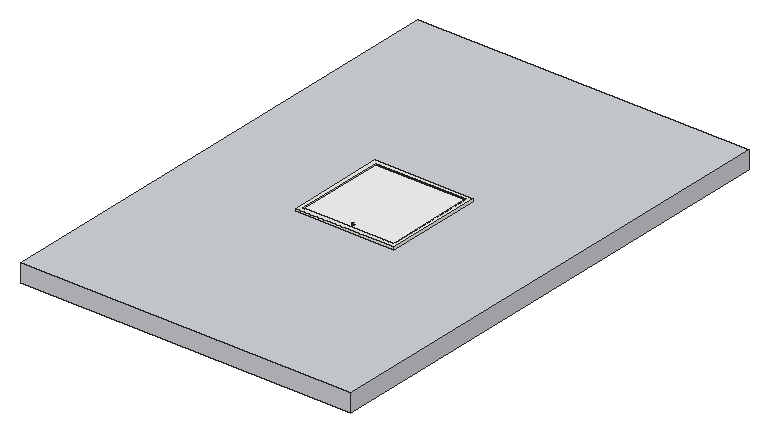
Revit family "FPL2-EQ0595xxWS8X0840MPS0400", category Leuchten, Revit 2019
Family settings
  Basisbauteil = Fläche
  Bemaßung runder Anschluss = Durchmesser verwenden
  Teiletyp = Normal
  OmniClass-Nummer = 23.80.70.11
  OmniClass-Titel = Luminaries for Internal Lighting
  Beim Laden mit Abzugskörper schneiden = Nein
  Lichtquelle = Ja
  Gemeinsam genutzt = Nein
  Raumberechnungspunkt = Nein
Parameters (values of type "FPL2-EQ0595DAWS850865MPS0400")
  width = 620 mm
  weight = "2,1 kg"
  voltage type (AC, DC, UC) = "AC"
  suspension hight [instance] = 0 mm
  rated input power = 33
  product name = "FPL2-EQ0595DAWS850865MPS0400"
  nominal voltage = "230"
  nominal frequency = "50-60Hz"
  length = 620 mm
  ingress protection (IP) code = "IP40"
  height = 15 mm
  electrical safety class = "1"
  control gear = ""
  conformity mark = "CE"  # constant formula
  brand = "RIDI"
  approval mark = ""
  built-in parameter 1150104 = 13.8 (stored number, unit not read)
  Wattage = 26.6591 W
  Default Elevation = 0 mm
  Emit from Rectangle Length = 545 mm
  Emit from Rectangle Width = 545 mm
  built-in parameter 1150113 = 1 (stored number, unit not read)
  built-in parameter 1114218 = 1 (stored number, unit not read)
  URL = "www.ridi.de"
  built-in parameter 1150134 = 1
  built-in parameter 1150109 = 1 (stored number, unit not read)
  built-in parameter 1150110 = 1 (stored number, unit not read)
  Apparent Load = 33 VA
  Tilt Angle = 90.00°
  Modell = "0832979"
  built-in parameter 1114217 = 1 (stored number, unit not read)
  built-in parameter 1150139 = (empty or 0)
  built-in parameter 1150105 = 315.13 (stored number, unit not read)
  built-in parameter 1150114 = 1 (stored number, unit not read)
  Lumens = 3960 lm
  built-in parameter 1150115 = 1 (stored number, unit not read)
  built-in parameter 1150112 = 1 (stored number, unit not read)
  Lampe = "LED"
  Hersteller = "RIDI Leuchten GmbH"  # constant formula
  Dimming Lamp Color Temperature Shift = (empty or 0)
  Color Filter = 16777215
  built-in parameter 1150133 = 10 (stored number, unit not read)
  Emit Shape Visible in Rendering = no
  built-in parameter 1150137 = (empty or 0)
  built-in parameter 1150132 = 2
  Datei für fotometrisches Netz = "FPL2-EQ0595.IES"
  Copyright = "© RIDI. All rights reserved."  # constant formula
  built-in parameter 1150106 = 3.1513 (stored number, unit not read)
  Baugruppenkennzeichen = "D5020200"
  built-in parameter 1150107 = 6500 (stored number, unit not read)
  built-in parameter 1150102 = (empty or 0)
  built-in parameter 1150138 = (empty or 0)
Types (5, lengths in mm): name | weight | product name | built-in parameter 1150134 | Modell | built-in parameter 1150107
  (no name) | "2,1 kg" | "FPL2-EQ0595DAWS850865MPS0400" | 1 | "0832979" | 6500 (stored number, unit not read)
  FPL2-EQ0595DAWS830840MPS0400 | "2.1 kg" | "FPL2-EQ0595DAWS830840MPS0400" | 12 | "0832975" | 4000 (stored number, unit not read)
  FPL2-EQ0595NDWS830840MPS0400 | "2.1 kg" | "FPL2-EQ0595NDWS830840MPS0400" | 12 | "0822975" | 4000 (stored number, unit not read)
  FPL2-EQ0595NDWS850865MPS0400 | "2.1 kg" | "FPL2-EQ0595NDWS850865MPS0400" | 1 | "0822979" | 6500 (stored number, unit not read)
  FPL2-EQ0595DAWS850865MPS0400 | "2,1 kg" | "FPL2-EQ0595DAWS850865MPS0400" | 1 | "0832979" | 6500 (stored number, unit not read)
Reference planes
  plane 1 "Mitte (Vorne/hinten)": y = 0
  plane 2: z = 0
  plane 3 "Mitte (Links/rechts)": x = 0
  plane 4: z = 0
Forms (mm)
  Extrusion 1, solid
    sketch origin (219.2, 280.8, 0) x (1, 0, 0) y (0, 1, 0)
      loop
        line (-1219.2, 1219.2) -> (-1219.2, -1780.8) -> (780.8, -1780.8) -> (780.8, 1219.2) -> (-1219.2, 1219.2)
    from 0 to -107.307
  Extrusion 2, solid, material "RIDI Metall White 9016"
    sketch origin (150, -299.389, 0) x (1, 0, 0) y (0, 1, 0)
      loop
        line (-447.5, 597.5) -> (-447.5, 2.5) -> (147.5, 2.5) -> (147.5, 597.5) -> (-447.5, 597.5)
    from 0 to 15
  Extrusion 3, solid
    sketch origin (0, 0, 0) x (1, 0, 0) y (0, 1, 0)
      loop
        circle (0, -238.276) r 10
    from 0 to 7.899
  Extrusion 4, void
    sketch origin (0, 0, 0) x (1, 0, 0) y (0, 1, 0)
      loop
        line (-272.5, 273.111) -> (-272.5, -271.889) -> (272.5, -271.889) -> (272.5, 273.111) -> (-272.5, 273.111)
    from 9.145 to 515
  Extrusion 5, solid, material "RIDI Light Emitting Surface"
    sketch origin (0, 0, 0) x (1, 0, 0) y (0, 1, 0)
      loop
        line (-272.5, 273.111) -> (-272.5, -271.889) -> (272.5, -271.889) -> (272.5, 273.111) -> (-272.5, 273.111)
    from 9.145 to 10
Cuts and joins
  Extrusion 4 cuts Extrusion 2
  Extrusion 4 cuts Extrusion 3
Dimensions and locks
  "suspension hight": plane 4 to Extrusion 1
  imposter light to Extrusion 1 = 15 mm
  locked: cut or joined group of Extrusion 2, Extrusion 4 to cut or joined group of Extrusion 2, Extrusion 4 at 15
  locked: Extrusion 3 to cut or joined group of Extrusion 2, Extrusion 4 at 7.899
  locked: cut or joined group of Extrusion 2, Extrusion 4 to plane 4 at 9.145
  locked: Extrusion 5 to Extrusion 5 at 0.855
  aligned and locked: plane 2 to Extrusion 1
  aligned and locked: level to Extrusion 1
  aligned and locked: Extrusion 2 to plane 4
  aligned and locked: Extrusion 3 to plane 4
  aligned and locked: imposter light to cut or joined group of Extrusion 2, Extrusion 4
  aligned and locked: Extrusion 5 sketch curve to cut or joined group of Extrusion 2, Extrusion 4  (x4)
  aligned and locked: Extrusion 5 to cut or joined group of Extrusion 2, Extrusion 4
Automatic sketch dimensions
  Extrusion 1 sketch curve to Extrusion 1 sketch curve = 2000 mm
  Extrusion 1 sketch curve to Extrusion 1 sketch curve = 3000 mm
  Extrusion 2 sketch curve to plane 1 "Mitte (Vorne/hinten)" = 298.111 mm
  plane 1 "Mitte (Vorne/hinten)" to Extrusion 2 sketch curve = 296.889 mm
  plane 3 "Mitte (Links/rechts)" to Extrusion 2 sketch curve = 297.5 mm
  Extrusion 2 sketch curve to plane 3 "Mitte (Links/rechts)" = 297.5 mm
  Extrusion 3 sketch curve to plane 3 "Mitte (Links/rechts)" = 0 mm
  plane 1 "Mitte (Vorne/hinten)" to Extrusion 3 sketch curve = 238.276 mm
  Extrusion 4 sketch curve to plane 3 "Mitte (Links/rechts)" = 272.5 mm
  plane 3 "Mitte (Links/rechts)" to Extrusion 4 sketch curve = 272.5 mm
  plane 1 "Mitte (Vorne/hinten)" to Extrusion 4 sketch curve = 271.889 mm
  Extrusion 4 sketch curve to plane 1 "Mitte (Vorne/hinten)" = 273.111 mm
  radius of Extrusion 3 sketch curve = 10 mm
Connectors
  electrical at (0, -238.276, 0), driven by "Apparent Load"
    settings: on Extrusion 3, index 1, voltage 230 V, apparent load 0 VA, apparent load phase1 33 VA, apparent load phase2 0 VA, apparent load phase3 0 VA, power factor 1, load classification "Lighting", number of poles 1, system type 31, power factor state 1, is connector primary yes, connector utility no, sub classification motor no, connector description ""
